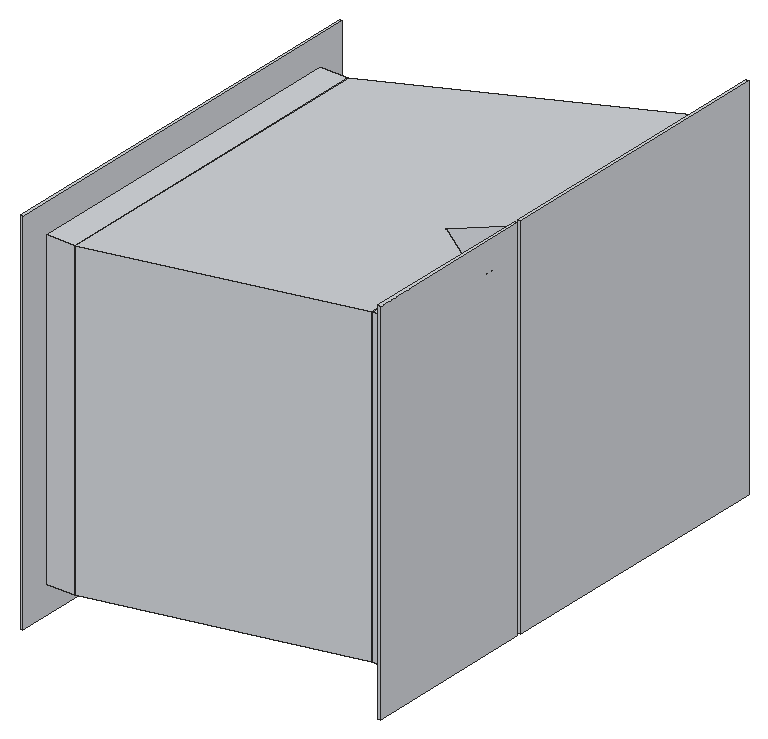
Revit family "RE Hosenstück HS - Flansch", category Luftkanalformteile, Revit 2014
Parameters (values of type "Allgemein")
  x2 2 [instance] = 50 mm  # constant formula
  x2 [instance] = 0 mm
  x1 2 [instance] = 50 mm  # constant formula
  x1 1 [instance] = if(x1 = 0 mm, x1 2, x1)  # 50 mm
  x1 [instance] = 0 mm
  m1 [instance] = if(not(m = 0 mm), m, abs(0.896 * m - 107.1 mm))  # 107.1 mm
  m [instance] = 0 mm
  x2 1 [instance] = if(x2 = 0 mm, x2 2, x2)  # 50 mm
  l1 [instance] = if(l = 0 mm, Länge l1, l)  # 600 mm
  l [instance] = 0 mm
  h [instance] = 200 mm
  g [instance] = a  # 550 mm
  f1 [instance] = if(f < -2000 mm, -2000 mm, if(f < 2000 mm, f, 2000 mm))  # 40 mm
  f [instance] = 40 mm
  e1 [instance] = if(e < -2000 mm, -2000 mm, if(e < 2000 mm, e, 2000 mm))  # 50 mm
  e [instance] = 50 mm
  d [instance] = 400 mm
  c [instance] = a  # 550 mm
  Vertikaler Profilversatz 2 [instance] = -(a - g) / 2 + e1  # 50 mm
  Vertikaler Profilversatz 1 [instance] = -(a - c) / 2 + e1  # 50 mm
  RLT_DIN_m [instance] = m  # 0 mm
  RLT_DIN_l [instance] = l  # 0 mm
  RLT_DIN_h [instance] = h  # 200 mm
  RLT_DIN_g [instance] = g  # 550 mm
  RLT_DIN_f [instance] = f  # 40 mm
  RLT_DIN_e [instance] = e  # 50 mm
  RLT_DIN_d [instance] = d  # 400 mm
  RLT_DIN_c [instance] = c  # 550 mm
  RLT_DIN_b [instance] = b  # 600 mm
  RLT_DIN_a [instance] = a  # 550 mm
  RLT_DIN_KZ = "HS"
  Min hg [instance] = if(h < g, h, g)  # 200 mm
  Min cdhg [instance] = if(Min. cd < Min hg, Min. cd, Min hg)  # 200 mm
  Min. cd [instance] = if(c < d, c, d)  # 400 mm
  Min. ab [instance] = if(a < b, a, b)  # 550 mm
  Max hg [instance] = if(h > g, h, g)  # 550 mm
  Max cdhg [instance] = if(Max. cd > Max hg, Max. cd, Max hg)  # 550 mm
  Max. cd [instance] = if(c > d, c, d)  # 550 mm
  Max abcdhg [instance] = if(Max. abcd > Max cdhg, Max. abcd, Max cdhg)  # 600 mm
  Max. abcd [instance] = if(Max. ab > Max. cd, Max. ab, Max. cd)  # 600 mm
  Max. ab [instance] = if(a > b, a, b)  # 600 mm
  Länge l1 [instance] = if(Max abcdhg > x1 1 + x2 1, Max abcdhg, Max abcdhg + x1 1 + x2 1)  # 600 mm
  Länge 7 [instance] = Länge 3 - (b / 2 - h / 2 - f)  # 4840 mm
  Länge 6 [instance] = Länge 3 + (f + h + m1 + d / 2 - b / 2)  # 5247.1 mm
  Länge 5 [instance] = Länge 3 - (a / 2 - g / 2 - e)  # 5050 mm
  Länge 4 [instance] = Länge 3 - (a / 2 - c / 2 - e)  # 5050 mm
  Länge 3 [instance] = 5000 mm  # constant formula
  Länge 2 [instance] = if(x2 1 = 0 mm, 0 mm, x2 1)  # 50 mm
  Länge 1 [instance] = if(x1 1 = 0 mm, 0 mm, x1 1)  # 50 mm
  a [instance] = 550 mm
  b [instance] = 600 mm
  Horizontaler Profilversatz 2 [instance] = -((b - h) / 2) + f1  # -160 mm
  Horizontaler Profilversatz 1 [instance] = -((b - d) / 2) + (f1 + h + m1)  # 247.1 mm
  Flansch h [instance] = h + Flanschverlängerung * 2  # 300 mm
  Flansch g [instance] = g + Flanschverlängerung * 2  # 650 mm
  Flansch d [instance] = d + Flanschverlängerung * 2  # 500 mm
  Flansch c [instance] = c + Flanschverlängerung * 2  # 650 mm
  Flansch b [instance] = b + Flanschverlängerung * 2  # 700 mm
  Flansch a [instance] = a + Flanschverlängerung * 2  # 650 mm
  Flanschstärke [instance] = 5 mm
  Flanschverlängerung [instance] = 50 mm
Reference planes
  plane 1 "Mitte (vorne/hinten)": y = 0
  plane 2: z = 0
  plane 3 "Mitte (links/rechts)": x = 0
  plane 4: x = 55
  plane 5: x = 55
  plane 6: x = 600
  plane 7: x = 545
  plane 8: x = 545
  plane 9: z = -5000
  plane 10: z = 50
  plane 11: z = 50
  plane 12: y = -5000
  plane 13: y = 247.1
  plane 14: y = -160
  plane 15: z = 275
  plane 16: y = 300
  plane 17: y = -300
  plane 18: z = -275
  plane 19: y = 447.1
  plane 20: y = 47.1
  plane 21: z = 325
  plane 22: z = -225
  plane 23: y = -60
  plane 24: y = -260
  plane 25: z = 325
  plane 26: z = -225
  plane 27: x = 595
  plane 28: x = 5
  plane 29: y = 350
  plane 30: y = -350
  plane 31: y = 497.1
  plane 32: y = -2.9
  plane 33: y = -10
  plane 34: y = -310
Forms (mm)
  Sweep 1, solid, detail levels medium+fine
    path in 3D
      loop
        line (0, 0, 0) -> (55, 0, 0)
    profile "Luftkanal - rechteckig : Luftkanal - rechteckig 1" origin (27.5, 0, 0) x (0, 1, 0) y (0, 0, 1)
      loop
        line (-300, 275) -> (-300, -275) -> (300, -275) -> (300, 275) -> (-300, 275)
  SweptBlend 2, solid, detail levels medium+fine
    path in 3D
      loop
        line (55, 0, 0) -> (545, 0, 0)
    profile "Luftkanal - rechteckig : Luftkanal - rechteckig 1" origin (55, 0, 0) x (0, 1, 0) y (0, 0, 1)
      loop
        line (-300, 275) -> (-300, -275) -> (300, -275) -> (300, 275) -> (-300, 275)
    end profile "Luftkanal - rechteckig : Luftkanal - rechteckig 2" origin (545, 0, 0) x (0, 1, 0) y (0, 0, 1)
      loop
        line (47.1, 325) -> (47.1, -225) -> (447.1, -225) -> (447.1, 325) -> (47.1, 325)
  SweptBlend 3, solid, detail levels medium+fine
    path in 3D
      loop
        line (55, 0, 0) -> (545, 0, 0)
    profile "Luftkanal - rechteckig : Luftkanal - rechteckig 1" origin (55, 0, 0) x (0, 1, 0) y (0, 0, 1)
      loop
        line (-300, 275) -> (-300, -275) -> (300, -275) -> (300, 275) -> (-300, 275)
    end profile "Luftkanal - rechteckig : Luftkanal - rechteckig 3" origin (545, 0, 0) x (0, 1, 0) y (0, 0, 1)
      loop
        line (-260, 325) -> (-260, -225) -> (-60, -225) -> (-60, 325) -> (-260, 325)
  Sweep 4, solid, detail levels medium+fine
    path in 3D
      loop
        line (545, 0, 0) -> (600, 0, 0)
    profile "Luftkanal - rechteckig : Luftkanal - rechteckig 2" origin (572.5, 0, 0) x (0, 1, 0) y (0, 0, 1)
      loop
        line (47.1, 325) -> (47.1, -225) -> (447.1, -225) -> (447.1, 325) -> (47.1, 325)
  Sweep 5, solid, detail levels medium+fine
    path in 3D
      loop
        line (545, 0, 0) -> (600, 0, 0)
    profile "Luftkanal - rechteckig : Luftkanal - rechteckig 3" origin (572.5, 0, 0) x (0, 1, 0) y (0, 0, 1)
      loop
        line (-260, 325) -> (-260, -225) -> (-60, -225) -> (-60, 325) -> (-260, 325)
  Blend 6, solid, not visible
    base sketch origin (0, 0, 0) x (0, 1, 0) y (0, 0, 1)
      loop
        line (447.1, 325) -> (247.1, 325) -> (247.1, 50) -> (447.1, 50) -> (447.1, 325)
    top sketch origin (0, 0, 0) x (0, 1, 0) y (0, 0, 1)
      loop
        line (300, 275) -> (0, 275) -> (0, 0) -> (300, 0) -> (300, 275)
    from 545 to 55
  Blend 7, solid, not visible
    base sketch origin (0, 0, 0) x (0, 1, 0) y (0, 0, 1)
      loop
        line (0, 275) -> (-300, 275) -> (-300, 0) -> (0, 0) -> (0, 275)
    top sketch origin (0, 0, 0) x (0, 1, 0) y (0, 0, 1)
      loop
        line (-160, 325) -> (-260, 325) -> (-260, 50) -> (-160, 50) -> (-160, 325)
    from 55 to 545
  Sweep 8, solid, detail levels fine
    path in 3D
      loop
        line (0, 0, 0) -> (5, 0, 0)
    profile "Luftkanal - rechteckig : Luftkanal - Flansch 1" origin (2.5, 0, 0) x (0, 1, 0) y (0, 0, 1)
      loop
        line (-350, 325) -> (-350, -325) -> (350, -325) -> (350, 325) -> (-350, 325)
  Sweep 9, solid, detail levels fine
    path in 3D
      loop
        line (595, 0, 0) -> (600, 0, 0)
    profile "Luftkanal - rechteckig : Luftkanal - Flansch 2" origin (597.5, 0, 0) x (0, 1, 0) y (0, 0, 1)
      loop
        line (-2.9, 375) -> (-2.9, -275) -> (497.1, -275) -> (497.1, 375) -> (-2.9, 375)
  Sweep 10, solid, detail levels fine
    path in 3D
      loop
        line (595, 0, 0) -> (600, 0, 0)
    profile "Luftkanal - rechteckig : Luftkanal - Flansch 3" origin (597.5, 0, 0) x (0, 1, 0) y (0, 0, 1)
      loop
        line (-310, 375) -> (-310, -275) -> (-10, -275) -> (-10, 375) -> (-310, 375)
Cuts and joins
  joined: SweptBlend 2, SweptBlend 3
Lines and regions (mm)
  reference lines
    curve 1: line (0, 0, 0) -> (55, 0, 0)
    curve 2: line (545, 0, 0) -> (600, 0, 0)
    curve 4: line (55, 0, 0) -> (545, 0, 0)
    curve 14: line (0, 0, 0) -> (5, 0, 0)
    curve 15: line (595, 0, 0) -> (600, 0, 0)
  sketch lines
    curve 3: line (0, 0, 0) -> (55, 0, 0)
    curve 5: line (55, 0, 0) -> (545, 0, 0)
    curve 6: line (55, 0, 0) -> (545, 0, 0)
    curve 7: line (545, 0, 0) -> (600, 0, 0)
    curve 8: line (545, 0, 0) -> (600, 0, 0)
    curve 16: line (0, 0, 0) -> (5, 0, 0)
    curve 17: line (595, 0, 0) -> (600, 0, 0)
    curve 18: line (595, 0, 0) -> (600, 0, 0)
  model lines, detail levels coarse
    curve 9: line (0, 0, 0) -> (55, 0, 0)
    curve 10: line (545, 247.1, 50) -> (600, 247.1, 50)
    curve 11: line (545, -160, 50) -> (600, -160, 50)
    curve 12: line (55, 0, 0) -> (545, 247.1, 50)
    curve 13: line (55, 0, 0) -> (545, -160, 50)
    curve 19: line (0, 350, 0) -> (0, -350, 0)
    curve 20: line (600, 497.1, 50) -> (600, -2.9, 50)
    curve 21: line (600, -10, 50) -> (600, -310, 50)
Dimensions and locks
  "l1": plane 3 "Mitte (links/rechts)" to plane 6
  "Länge 3": plane 2 to plane 9
  "Länge 4": plane 10 to plane 9
  "Länge 5": plane 11 to plane 9
  "Länge 3": plane 1 "Mitte (vorne/hinten)" to plane 12
  "Länge 6": plane 13 to plane 12
  "Länge 7": plane 14 to plane 12
  equal spacing: plane 16, plane 1 "Mitte (vorne/hinten)", plane 17
  "b": plane 16 to plane 17
  equal spacing: plane 15, plane 2, plane 18
  "a": plane 15 to plane 18
  equal spacing: plane 19, plane 13, plane 20
  "d": plane 19 to plane 20
  equal spacing: plane 21, plane 10, plane 22
  "c": plane 21 to plane 22
  equal spacing: plane 23, plane 14, plane 24
  "h": plane 23 to plane 24
  equal spacing: plane 25, plane 11, plane 26
  "g": plane 25 to plane 26
  "Flanschstärke": plane 3 "Mitte (links/rechts)" to plane 28
  "Flanschstärke": plane 27 to plane 6
  "x1 1": plane 28 to plane 4
  "Länge 1": plane 28 to plane 5
  "x2 1": plane 7 to plane 27
  "Länge 2": plane 8 to plane 27
  equal spacing: plane 29, plane 1 "Mitte (vorne/hinten)", plane 30
  "Flansch b": plane 29 to plane 30
  equal spacing: plane 31, plane 13, plane 32
  "Flansch d": plane 31 to plane 32
  equal spacing: plane 33, plane 14, plane 34
  "Flansch h": plane 33 to plane 34
  aligned and locked: plane 5 to curve 1
  aligned and locked: plane 3 "Mitte (links/rechts)" to curve 1
  aligned and locked: plane 1 "Mitte (vorne/hinten)" to curve 1
  aligned and locked: plane 8 to curve 2
  aligned and locked: plane 6 to curve 2
  aligned and locked: plane 1 "Mitte (vorne/hinten)" to curve 2
  aligned and locked: plane 4 to curve 4
  aligned and locked: plane 7 to curve 4
  aligned and locked: plane 1 "Mitte (vorne/hinten)" to curve 4
  aligned and locked: plane 5 to curve 9
  aligned and locked: plane 3 "Mitte (links/rechts)" to curve 9
  aligned and locked: plane 1 "Mitte (vorne/hinten)" to curve 9
  aligned and locked: plane 8 to curve 10
  aligned and locked: plane 6 to curve 10
  aligned and locked: curve 10 to plane 13
  aligned and locked: plane 8 to curve 11
  aligned and locked: plane 6 to curve 11
  aligned and locked: curve 11 to plane 14
  aligned and locked: Blend 6 to plane 4
  aligned and locked: plane 7 to Blend 6
  aligned and locked: Blend 6 sketch curve to plane 15
  aligned and locked: plane 16 to Blend 6 sketch curve
  aligned and locked: plane 2 to Blend 6 sketch curve
  aligned and locked: Blend 6 sketch curve to plane 1 "Mitte (vorne/hinten)"
  aligned and locked: plane 19 to Blend 6 sketch curve
  aligned and locked: Blend 6 sketch curve to plane 21
  aligned and locked: plane 13 to Blend 6 sketch curve
  aligned and locked: plane 10 to Blend 6 sketch curve
  aligned and locked: plane 10 to curve 12
  aligned and locked: plane 13 to curve 12
  aligned and locked: plane 2 to curve 12
  aligned and locked: plane 1 "Mitte (vorne/hinten)" to curve 12
  aligned and locked: Blend 7 sketch curve to plane 15
  aligned and locked: plane 1 "Mitte (vorne/hinten)" to Blend 7 sketch curve
  aligned and locked: plane 2 to Blend 7 sketch curve
  aligned and locked: Blend 7 sketch curve to plane 17
  aligned and locked: plane 11 to Blend 7 sketch curve
  aligned and locked: Blend 7 sketch curve to plane 14
  aligned and locked: Blend 7 sketch curve to plane 25
  aligned and locked: Blend 7 sketch curve to plane 24
  aligned and locked: Blend 7 to plane 4
  aligned and locked: plane 7 to Blend 7
  aligned and locked: plane 11 to curve 13
  aligned and locked: plane 14 to curve 13
  aligned and locked: plane 2 to curve 13
  aligned and locked: plane 1 "Mitte (vorne/hinten)" to curve 13
  aligned and locked: plane 28 to curve 14
  aligned and locked: plane 3 "Mitte (links/rechts)" to curve 14
  aligned and locked: plane 1 "Mitte (vorne/hinten)" to curve 14
  aligned and locked: plane 6 to curve 15
  aligned and locked: plane 27 to curve 15
  aligned and locked: plane 1 "Mitte (vorne/hinten)" to curve 15
  aligned and locked: plane 29 to curve 19
  aligned and locked: plane 30 to curve 19
  aligned and locked: curve 19 to plane 3 "Mitte (links/rechts)"
  aligned and locked: plane 31 to curve 20
  aligned and locked: plane 32 to curve 20
  aligned and locked: curve 20 to plane 6
  aligned and locked: plane 33 to curve 21
  aligned and locked: plane 34 to curve 21
  aligned and locked: curve 21 to plane 6
Automatic sketch dimensions
  curve 12 to Blend 6 = 0 mm  (x4)
  curve 13 to Blend 7 = 0 mm  (x4)
Connectors
  hvac at (0, 0, 0), driven by "a", driven by "b"
    settings: on Sweep 1, index 1, duct flow 0.0 L/s, flow factor 0, pres drop 0.0 Pa, loss coef 0, conn angle 0.00°, conn width 600 mm, conn height 550 mm, conn diameter 609.6 mm, duct sys type 28, conn prof type 1, flow config 0, flow direction 0, loss method 0, conn ref index -1, conn util no, is conn primary yes, conn desc ""
  hvac at (600, 247.1, 50), driven by "c", driven by "d"
    settings: on Sweep 4, index 2, duct flow 0.0 L/s, flow factor 0, pres drop 0.0 Pa, loss coef 0, conn angle 0.00°, conn width 400 mm, conn height 550 mm, conn diameter 609.6 mm, duct sys type 28, conn prof type 1, flow config 0, flow direction 0, loss method 0, conn ref index -1, conn util no, is conn primary no, conn desc ""
  hvac at (600, -160, 50), driven by "g", driven by "h"
    settings: on Sweep 5, index 3, duct flow 0.0 L/s, flow factor 0, pres drop 0.0 Pa, loss coef 0, conn angle 0.00°, conn width 200 mm, conn height 550 mm, conn diameter 609.6 mm, duct sys type 28, conn prof type 1, flow config 0, flow direction 0, loss method 0, conn ref index -1, conn util no, is conn primary no, conn desc ""
